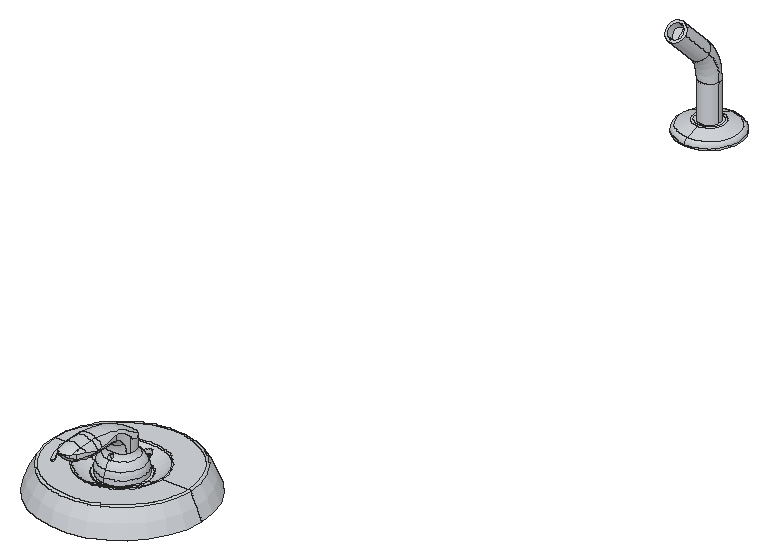
Revit family "Shower-Shower_Trim-KOHLER-Coralais-K-PLS15611_1", category Plumbing Fixtures, host Face, Revit 2017
Family settings
  Host = Face
  Round Connector Dimension = Use Diameter
  Part Type = Normal
  OmniClass Number = 23.31.17.00
  OmniClass Title = Showers
  Cut with Voids When Loaded = No
  Shared = No
  Room Calculation Point = No
Parameters (values of type "Red/Blue Indexing, CP-Polished Chrome")
  Width = 6 1/2"  # constant formula
  WaterSense Certified = 1 = 0  # no
  Waste Water Outlet = "Waste Water Outlet"  # constant formula
  Waste Connection = 1 = 0  # no
  Vent Connection = 1 = 0  # no
  URL = "https://www.us.kohler.com/us/"
  Type = 1
  Tempered Water Inlet = "Tempered Water Inlet"  # constant formula
  Spout Reach = 4 3/8"  # constant formula
  Product Page URL = "http://www.us.kohler.com/us/catalog/productDetails.jsp?productNumber=PLS15611-X4"
  Product Name = "Coralais"  # constant formula
  Product Documentation Link = "https://www.us.kohler.com/webassets/kpna/catalog/pdf/en/K-PLS15611-X4_spec.pdf"
  Pressure = 0.00 psi
  Panel Thickness = 0"
  Model = if(Type = 1, "K-PLS15611-X4-CP", if(Type = 2, "K-PLS15611-4-CP", "NA"))  # "K-PLS15611-X4-CP"
  Material = "Premium Metal Construction"  # constant formula
  Master Format 2014 Name = "Residential Showers"  # constant formula
  Master Format 2014 = "22 42 23"  # constant formula
  Manufacturer Address = "444 Highland Dr, Kohler, WI 53044"  # constant formula
  Manufacturer = "KOHLER Co."  # constant formula
  Length = Spout Reach  # 4 3/8"
  Indexing = if(or(Type = 1), 1 = 1, 1 = 0)  # yes
  Hot Water Inlet = "Hot Water Inlet"  # constant formula
  Height = 6 1/2"  # constant formula
  Handle Height = 2 7/8"  # constant formula
  Handle Clearance = 3 1/16"  # constant formula
  HW Connection = 1 = 1  # yes
  Flow Rate = 0 GPM
  Finish = Kohler-Metal-CP-Polished_Chrome
  Environmental Product Declaration = ""
  Drain Included = 1 = 0  # no
  Distance Trim To Shower Arm [instance] = 30"
  Description = if(Type = 1, "Shower valve trim with lever handle and red/blue indexing, less showerhead, project pack", if(Type = 2, "Shower valve trim with lever handle, less showerhead, project pack", "NA"))  # "Shower valve trim with lever handle and red/blue indexing, less showerhead, project pack"
  Default Elevation = 42"
  Declare Label = ""
  Date Modified = "04/13/2020"  # constant formula
  Date Created = "04/13/2020"  # constant formula
  Copyright = "Copyright KOHLER Co."  # constant formula
  Contact Us = "https://www.us.kohler.com/us/static/contact.jsp"
  Cold Water Inlet = "Cold Water Inlet"  # constant formula
  CW Connection = 1 = 0  # no
  Assembly Code = "D2010700"
  ADA Compliant = 1 = 0  # no
Types (3): name | Type | Product Page URL | Product Documentation Link | Model | Indexing | Description
  (no name) | 1 | "http://www.us.kohler.com/us/catalog/productDetails.jsp?productNumber=PLS15611-X4" | "https://www.us.kohler.com/webassets/kpna/catalog/pdf/en/K-PLS15611-X4_spec.pdf" | "K-PLS15611-X4-CP" | yes | "Shower valve trim with lever handle and red/blue indexing, less showerhead, project pack"
  Red/Blue Indexing, CP-Polished Chrome | 1 | "http://www.us.kohler.com/us/catalog/productDetails.jsp?productNumber=PLS15611-X4" | "https://www.us.kohler.com/webassets/kpna/catalog/pdf/en/K-PLS15611-X4_spec.pdf" | "K-PLS15611-X4-CP" | yes | "Shower valve trim with lever handle and red/blue indexing, less showerhead, project pack"
  Without Red/Blue Indexing, CP-Polished Chrome | 2 | "http://www.us.kohler.com/us/catalog/productDetails.jsp?productNumber=PLS15611-4" | "https://www.us.kohler.com/webassets/kpna/catalog/pdf/en/K-PLS15611-4_spec.pdf" | "K-PLS15611-4-CP" | no | "Shower valve trim with lever handle, less showerhead, project pack"
Reference planes (in)
  plane 1 "Center (Front/Back)": y = 0
  plane 2: z = 0
  plane 3 "Center (Left/Right)": x = 0
  plane 4: x = -3.25
  plane 5: x = 3.25
  plane 6: y = 3.25
  plane 7: y = -3.25
  plane 8: y = -3.0625
  plane 9: x = -1.25
  plane 10: x = 1.25
  plane 11: y = 31.25
  plane 12: y = 28.75
  plane 13: y = 28.3125
  plane 14: y = 30
  plane 15: z = 4.375
  plane 16: z = 0.44
  plane 17: z = 1.00001
  plane 18: z = 2.875
  plane 19: z = 2.67034
Dimensions and locks (in)
  "Height": plane 6 to plane 7
  "Handle Clearance": plane 1 "Center (Front/Back)" to plane 8
  "Width": plane 4 to plane 5
  locked: plane 11 to plane 12 at 2.5
  equal spacing: plane 11, plane 14, plane 12, locked at 1.25 each
  locked: plane 14 to plane 13 at 1.6875
  "Distance Trim To Shower Arm": plane 1 "Center (Front/Back)" to plane 14
  "Length": plane 15 to level
  locked: plane 9 to plane 10 at 2.5
  level to plane 15 = 4 3/8"
  "Handle Height": level to plane 18
  aligned and locked: plane 2 to host face
  aligned and locked: level to host face
  aligned and locked: plane 3 "Center (Left/Right)" to nested 1
  aligned and locked: plane 1 "Center (Front/Back)" to nested 1
  aligned and locked: plane 3 "Center (Left/Right)" to nested 2
  aligned and locked: plane 14 to nested 2
Automatic sketch dimensions
  host sketch curve to host sketch curve = 96"  (x2)
Nested families (in)
  nested 1: "K-PLS15611_Valve_Trim" at (0, 0, 0), type "K-PLS15611_Valve_Trim"
  nested 2: "K-PLS15611_Shower_Arm" at (0, 30, 0), type "K-PLS15611_Shower_Arm"
Connectors (in)
  piping at (0, 30, 0), diameter 0.5, driven by "Flow Rate", driven by "Pressure", driven by "HW Connection", driven by "Tempered Water Inlet"
    settings: on nested 2, index 1, connector inside diameter 24", connector length 0", flow factor 0, pipe flow 0 GPM, pressure drop 0.00 psi, fitting loss kfactor 0, connector angle 0.00°, fixture units 0, engagement length 0", angle of deflection 0.00°, flow configuration 0, flow direction 1, fitting loss method 0, system type 19, joint type 0, gender type 0, connector reference index -1, connector utility 1, adjustable connector no, is connector primary yes, connector description "Tempered Water Inlet"
Definition of nested family "K-PLS15611_Valve_Trim"
  Parameters (values of type "K-PLS15611_Valve_Trim")
    Material = none
    Indexing Visibility = yes
  Reference planes (in)
    plane 1 "Center (Front/Back)": y = 0
    plane 2: z = 0
    plane 3 "Center (Left/Right)": x = 0
    plane 4: y = 3.25
    plane 5: y = -3.25
    plane 6: y = -3.0625
    plane 7: x = -3.25
    plane 8: x = 3.25
    plane 9: z = 2.67034
    plane 10: z = 0.19869
    plane 11: z = 1.00001
    plane 12: z = 1.41502
    plane 13: z = 2.88827
  Forms (in)
    Revolve 1, solid, material <- "Material", detail levels medium+fine
      sketch origin (0, 0, 0) x (1, 0, 0) y (0, 0, 1)
        loop
          arc (3.25, 0) -> (3.06819, 0.49632) -> (2.80127, 0.95256) r 2.96967
          arc (2.80127, 0.95256) -> (2.76103, 0.98744) -> (2.70928, 1) r 0.11291
          line (2.70928, 1) -> (1.65854, 1)
          arc (1.65854, 1) -> (1.62709, 0.99447) -> (1.59942, 0.97854) r 0.09218
          arc (1.59942, 0.97854) -> (1.33832, 0.80544) -> (1.04556, 0.694) r 1.41579
          arc (1.04556, 0.694) -> (1.02996, 0.691) -> (1.0141, 0.69) r 0.12573
          line (1.0141, 0.69) -> (0.89889, 0.69)
          arc (0.89889, 0.69) -> (0.85725, 0.67275) -> (0.84, 0.63111) r 0.05889
          line (0.84, 0.63111) -> (0.84, 0.5625) -> (0, 0.5625) -> (0, 0) -> (3.25, 0)
        axis (0, 0) -> (0, 1)
      angle from 0 to 360
    Revolve 2, solid, material <- "Material", detail levels medium+fine
      sketch origin (0, 0, 0) x (0, 1, 0) y (0, 0, 1)
        loop
          line (0, 1.65188) -> (0, 0.61412) -> (0.88018, 0.61412)
          arc (0.88018, 0.61412) -> (0.8995, 0.62212) -> (0.9075, 0.64144) r 0.02731
          line (0.9075, 0.64144) -> (0.9075, 0.87706)
          arc (0.9075, 0.87706) -> (0.89307, 1.01622) -> (0.8504, 1.14945) r 0.67826
          arc (0.8504, 1.14945) -> (0.76303, 1.29552) -> (0.64205, 1.41523) r 0.67826
          arc (0.64205, 1.41523) -> (0.55115, 1.51993) -> (0.50858, 1.65188) r 0.34642
          line (0.50858, 1.65188) -> (0, 1.65188)
        axis (0, 0.61412) -> (0, 1.65188)
      angle from 0 to 360
    Extrusion 3, solid, material <- "Material", detail levels medium+fine
      sketch origin (0, 0, 0) x (1, 0, 0) y (0, 1, 0)
        loop
          arc (-0.56415, -1.83746) -> (-0.51593, -2.31983) -> (-0.36765, -2.78136) r 2.29948
          arc (-0.36765, -2.78136) -> (-0.30944, -2.88383) -> (-0.23202, -2.97267) r 0.58949
          arc (-0.23202, -2.97267) -> (0, -3.06452) -> (0.23202, -2.97267) r 0.33899
          arc (0.23202, -2.97267) -> (0.30944, -2.88383) -> (0.36765, -2.78136) r 0.58949
          arc (0.36765, -2.78136) -> (0.51593, -2.31983) -> (0.56415, -1.83746) r 2.29948
          arc (0.56415, -1.83746) -> (0.53405, -1.36587) -> (0.44975, -0.9009) r 4.09039
          arc (0.44975, -0.9009) -> (0.41697, -0.53999) -> (0.48986, -0.185) r 1.24087
          arc (0.48986, -0.185) -> (0, 0.51459) -> (-0.48986, -0.185) r 0.5213
          arc (-0.48986, -0.185) -> (-0.41697, -0.53999) -> (-0.44975, -0.9009) r 1.24087
          arc (-0.44975, -0.9009) -> (-0.53405, -1.36587) -> (-0.56415, -1.83746) r 4.09039
      from 1.65188 to 2.91846
    Sweep 4, void
      path origin (0, 0, 0) x (0, 1, 0) y (0, 0, 1)
        loop
          arc (-3.12892, 2.85708) -> (-3.0207, 2.56071) -> (-2.77599, 2.36158) r 0.59399
          arc (-2.77599, 2.36158) -> (-2.32076, 2.21262) -> (-1.84522, 2.15522) r 2.44644
          arc (-1.84522, 2.15522) -> (-1.39366, 2.15418) -> (-0.94242, 2.17098) r 11.42539
          arc (-0.94242, 2.17098) -> (-0.72861, 2.12174) -> (-0.57465, 1.96542) r 0.39242
          arc (-0.57465, 1.96542) -> (-0.50983, 1.7719) -> (-0.51377, 1.56786) r 0.59878
      profile origin (0, -1.84522, 2.15522) x (0, 0.02207, 0.999756) y (1, 0, 0)
        loop
          arc (0.36793, -0.59814) -> (0.27002, -0.52289) -> (0.17968, -0.4387) r 1.30348
          arc (0.17968, -0.4387) -> (0.00107, 0) -> (0.17968, 0.4387) r 0.62807
          arc (0.17968, 0.4387) -> (0.27002, 0.52289) -> (0.36793, 0.59814) r 1.30348
          line (0.36793, 0.59814) -> (0.36793, 0.86318) -> (-0.38425, 0.86318) -> (-0.38425, -0.99194) -> (0.36793, -0.99194) -> (0.36793, -0.59814)
    Extrusion 5, void
      sketch origin (0, 0, 0) x (1, 0, 0) y (0, 1, 0)
        loop
          circle (0, 1.2701) r 0.20487
        loop
          circle (0, -1.28081) r 0.20313
      from 0.662 to 1.3235
    Sweep 6, void
      path origin (0, 0, 0) x (0, 1, 0) y (0, 0, 1)
        loop
          arc (0.69558, 1.91015) -> (-0.41866, 2.60869) -> (-1.70526, 2.88103) r 3.76201
          arc (-1.70526, 2.88103) -> (-1.82411, 2.88397) -> (-1.94299, 2.88494) r 7.2255
          arc (-1.94299, 2.88494) -> (-2.21146, 2.87995) -> (-2.47956, 2.86499) r 7.2255
          arc (-2.47956, 2.86499) -> (-2.86737, 2.77385) -> (-3.20827, 2.56773) r 1.27798
      profile origin (0, -1.94299, 2.88494) x (0, 0, -1) y (1, 0, 0)
        loop
          arc (0.08579, -0.31214) -> (0, 0) -> (0.08579, 0.31214) r 0.61075
          arc (0.08579, 0.31214) -> (0.23388, 0.48337) -> (0.43208, 0.59278) r 0.64412
          line (0.43208, 0.59278) -> (0.43208, 0.67843) -> (-0.85167, 0.67843) -> (-0.85167, -0.67843) -> (0.43208, -0.67843) -> (0.43208, -0.59278)
          arc (0.43208, -0.59278) -> (0.23388, -0.48337) -> (0.08579, -0.31214) r 0.64412
    Extrusion 7, void
      sketch origin (0, 0, 0) x (0, 1, 0) y (0, 0, 1)
        loop
          line (-0.78029, 1.83932) -> (-3.14886, 2.17543) -> (-3.14886, 1.63005) -> (-0.78029, 1.63005) -> (-0.78029, 1.83932)
      from -0.60528 to 0.61566
    Extrusion 8, void
      sketch origin (0, 0, 0) x (1, 0, 0) y (0, 0, 1)
        loop
          circle (0, 1.4995) r 0.09996
      from 0.50312 to 0.74046
    Extrusion 9, solid, material <- "Material", detail levels medium+fine
      sketch origin (0, 0, 0) x (1, 0, 0) y (0, 1, 0)
        loop
          circle (0, 1.2701) r 0.17831
        loop
          line (-0.03072, 1.38673) -> (-0.03072, 1.30082) -> (-0.11664, 1.30082) -> (-0.11664, 1.23937) -> (-0.03072, 1.23937) -> (-0.03072, 1.15346) -> (0.03072, 1.15346) -> (0.03072, 1.23937) -> (0.11664, 1.23937) -> (0.11664, 1.30082) -> (0.03072, 1.30082) -> (0.03072, 1.38673) -> (-0.03072, 1.38673)
        loop
          circle (0, -1.2701) r 0.17831
        loop
          line (-0.03072, -1.38673) -> (0.03072, -1.38673) -> (0.03072, -1.30082) -> (0.11664, -1.30082) -> (0.11664, -1.23937) -> (0.03072, -1.23937) -> (0.03072, -1.15346) -> (-0.03072, -1.15346) -> (-0.03072, -1.23937) -> (-0.11664, -1.23937) -> (-0.11664, -1.30082) -> (-0.03072, -1.30082) -> (-0.03072, -1.38673)
      from 0.662 to 0.69
    Extrusion 10, solid, visible <- "Indexing Visibility", detail levels medium+fine
      sketch origin (0.25, 0, 0) x (1, 0, 0) y (0, 1, 0)
        loop
          arc (-2.5, 0) -> (-2.42003, -0.62727) -> (-2.18523, -1.2144) r 2.5
          arc (-2.18523, -1.2144) -> (-2.10387, -1.2353) -> (-2.08737, -1.15293) r 0.05787
          arc (-2.08737, -1.15293) -> (-2.35949, -0.60478) -> (-2.45312, 0) r 2
          line (-2.45312, 0) -> (-2.5, 0)
      from 0.97651 to 1.00369
    Extrusion 11, solid, visible <- "Indexing Visibility", detail levels medium+fine
      sketch origin (0, 0, 0) x (1, 0, 0) y (0, 1, 0)
        loop
          arc (-1.93523, 1.2144) -> (-2.17003, 0.62727) -> (-2.25, 0) r 2.5
          line (-2.25, 0) -> (-2.20312, 0)
          arc (-2.20312, 0) -> (-2.10949, 0.60478) -> (-1.83737, 1.15293) r 2
          arc (-1.83737, 1.15293) -> (-1.85387, 1.2353) -> (-1.93523, 1.2144) r 0.05787
      from 0.97651 to 1.00369
    Revolve 12, solid, material <- "Material", detail levels coarse
      sketch origin (0, 0, 0) x (0, 1, 0) y (0, 0, 1)
        loop
          line (0, 0) -> (3.25, 0) -> (2.71828, 1.00001) -> (0.89166, 1.00001) -> (0.89166, 1.3698) -> (0.64166, 1.3698) -> (0.64166, 2.63396) -> (0, 2.63396) -> (0, 0)
        axis (0, 0) -> (0, 2.63396)
      angle from 0 to 360
    Revolve 13, solid, material <- "Material", detail levels coarse
      sketch origin (0, 0, -0.03906) x (0, 1, 0) y (0, 0, 1)
        loop
          line (0.31359, 2.60791) -> (-3.0625, 2.60791) -> (-3.0625, 2.21967) -> (0.31359, 2.21967) -> (0.31359, 2.60791)
        axis (0.31359, 2.21967) -> (-3.0625, 2.21967)
      angle from 0 to 360
  Cuts and joins
    Extrusion 5 cuts Revolve 1
    Extrusion 8 cuts Revolve 2
    joined: Revolve 1, Revolve 2, Extrusion 9
    Sweep 4, Sweep 6, Extrusion 7 cuts Extrusion 3
    joined: Revolve 12, Revolve 13
  Lines and regions (in)
    Masking region 1
      outline origin (0, 0, 0) x (1, 0, 0) y (0, 0, 1)
        loop
          arc (3.25, 0) -> (3.06872, 0.49961) -> (2.79701, 0.95638) r 2.82267
          arc (2.79701, 0.95638) -> (2.75928, 0.98848) -> (2.71111, 1.00001) r 0.10638
          line (2.71111, 1.00001) -> (0.89578, 1.00001)
          arc (0.89578, 1.00001) -> (0.82764, 1.19594) -> (0.70331, 1.36199) r 0.67618
          arc (0.70331, 1.36199) -> (0.59512, 1.49615) -> (0.5213, 1.65188) r 0.73188
          arc (0.5213, 1.65188) -> (0.52221, 1.84162) -> (0.52177, 2.03137) r 26.47146
          arc (0.52177, 2.03137) -> (0.5036, 2.19223) -> (0.45181, 2.34561) r 0.76102
          arc (0.45181, 2.34561) -> (0.50595, 2.40262) -> (0.55513, 2.46395) r 0.93817
          arc (0.55513, 2.46395) -> (0.56728, 2.49969) -> (0.55668, 2.53592) r 0.06262
          arc (0.55668, 2.53592) -> (-0.00499, 2.88453) -> (-0.5614, 2.52757) r 0.61935
          arc (-0.5614, 2.52757) -> (-0.56699, 2.4949) -> (-0.55513, 2.46395) r 0.06262
          arc (-0.55513, 2.46395) -> (-0.50595, 2.40262) -> (-0.45181, 2.34561) r 0.93817
          arc (-0.45181, 2.34561) -> (-0.5036, 2.19223) -> (-0.52177, 2.03137) r 0.76102
          arc (-0.52177, 2.03137) -> (-0.52221, 1.84162) -> (-0.5213, 1.65188) r 26.47146
          arc (-0.5213, 1.65188) -> (-0.59512, 1.49615) -> (-0.70331, 1.36199) r 0.73188
          arc (-0.70331, 1.36199) -> (-0.82764, 1.19594) -> (-0.89578, 1.00001) r 0.67618
          line (-0.89578, 1.00001) -> (-2.71111, 1.00001)
          arc (-2.71111, 1.00001) -> (-2.75928, 0.98848) -> (-2.79701, 0.95638) r 0.10638
          arc (-2.79701, 0.95638) -> (-3.06872, 0.49961) -> (-3.25, 0) r 2.82267
          line (-3.25, 0) -> (3.25, 0)
    Masking region 2
      outline origin (0, 0, 0) x (0, 1, 0) y (0, 0, 1)
        loop
          arc (3.25, 0) -> (3.06629, 0.49225) -> (2.805, 0.94808) r 3.22126
          arc (2.805, 0.94808) -> (2.76207, 0.98623) -> (2.70632, 1) r 0.11973
          line (2.70632, 1) -> (0.89573, 1)
          arc (0.89573, 1) -> (0.80792, 1.2316) -> (0.64148, 1.41502) r 0.66528
          arc (0.64148, 1.41502) -> (0.55203, 1.51952) -> (0.51459, 1.65188) r 0.32068
          line (0.51459, 1.65188) -> (0.51459, 2.06233)
          arc (0.51459, 2.06233) -> (-0.422, 2.61182) -> (-1.47762, 2.86633) r 3.70695
          arc (-1.47762, 2.86633) -> (-1.96712, 2.88827) -> (-2.45661, 2.86633) r 5.47096
          arc (-2.45661, 2.86633) -> (-2.75624, 2.81514) -> (-3.03392, 2.69148) r 1.22011
          arc (-3.03392, 2.69148) -> (-3.06116, 2.65384) -> (-3.0531, 2.60808) r 0.0596
          arc (-3.0531, 2.60808) -> (-2.91077, 2.44843) -> (-2.72687, 2.33918) r 0.70027
          arc (-2.72687, 2.33918) -> (-2.38944, 2.22978) -> (-2.04015, 2.16796) r 2.56563
          arc (-2.04015, 2.16796) -> (-1.53043, 2.15921) -> (-1.02071, 2.16796) r 14.84082
          arc (-1.02071, 2.16796) -> (-0.88755, 2.17291) -> (-0.75833, 2.14039) r 0.47128
          arc (-0.75833, 2.14039) -> (-0.51438, 1.78964) -> (-0.67172, 1.39243) r 0.45185
          arc (-0.67172, 1.39243) -> (-0.81897, 1.21604) -> (-0.89725, 1) r 0.66369
          line (-0.89725, 1) -> (-2.70632, 1)
          arc (-2.70632, 1) -> (-2.76207, 0.98623) -> (-2.805, 0.94808) r 0.11973
          arc (-2.805, 0.94808) -> (-3.06629, 0.49225) -> (-3.25, 0) r 3.22126
          line (-3.25, 0) -> (3.25, 0)
    Masking region 3
      outline origin (0, 0, 0) x (1, 0, 0) y (0, 1, 0)
        loop
          circle (0, 0) r 3.25
    symbolic lines, detail levels medium+fine
      curve 1: line (-0.89578, 0, 1.00001) -> (0.89578, 0, 1.00001)
      curve 2: line (0, 0.89573, 1) -> (0, -0.89725, 1)
      curve 3: line (0, -0.185, 2.23351) -> (0, -0.9009, 2.56457)
      curve 4: spline (0, -1.71699, 2.52459) -> (0, -1.64839, 2.52955) -> (0, -1.57983, 2.53421) -> (0, -1.51132, 2.53858) -> (0, -1.4429, 2.54266) -> (0, -1.37458, 2.54644) -> (0, -1.30638, 2.54993) -> (0, -1.23833, 2.55312) -> (0, -1.17043, 2.55601) -> (0, -1.10273, 2.5586) -> (0, -1.03522, 2.56089) -> (0, -0.96794, 2.56288) -> (0, -0.9009, 2.56457)
      curve 5: spline (0, -1.83601, 2.52234) -> (0, -1.82609, 2.52233) -> (0, -1.81617, 2.52237) -> (0, -1.80625, 2.52243) -> (0, -1.79632, 2.52253) -> (0, -1.7864, 2.52267) -> (0, -1.77648, 2.52284) -> (0, -1.76656, 2.52304) -> (0, -1.75665, 2.52328) -> (0, -1.74673, 2.52356) -> (0, -1.73682, 2.52387) -> (0, -1.7269, 2.52421) -> (0, -1.71699, 2.52459)
      curve 6: spline (0, -1.83601, 2.52234) -> (0, -1.84494, 2.52239) -> (0, -1.85387, 2.52249) -> (0, -1.86279, 2.52266) -> (0, -1.87172, 2.52289) -> (0, -1.88064, 2.52318) -> (0, -1.88956, 2.52353) -> (0, -1.89847, 2.52394) -> (0, -1.90739, 2.52441) -> (0, -1.91629, 2.52493) -> (0, -1.9252, 2.52552) -> (0, -1.9341, 2.52617) -> (0, -1.94299, 2.52688)
      curve 7: spline (0, -1.94299, 2.52688) -> (0, -1.98742, 2.53246) -> (0, -2.03173, 2.53867) -> (0, -2.07587, 2.5455) -> (0, -2.11984, 2.55294) -> (0, -2.1636, 2.56099) -> (0, -2.20714, 2.56965) -> (0, -2.25043, 2.57891) -> (0, -2.29345, 2.58877) -> (0, -2.33617, 2.59922) -> (0, -2.37858, 2.61025) -> (0, -2.42064, 2.62187) -> (0, -2.46235, 2.63406)
      curve 8: spline (0, -2.46235, 2.63406) -> (0, -2.49067, 2.64128) -> (0, -2.51903, 2.64781) -> (0, -2.54741, 2.65366) -> (0, -2.5758, 2.65883) -> (0, -2.60416, 2.6633) -> (0, -2.63248, 2.66709) -> (0, -2.66074, 2.67017) -> (0, -2.68893, 2.67256) -> (0, -2.71701, 2.67424) -> (0, -2.74497, 2.67523) -> (0, -2.77279, 2.67551) -> (0, -2.80046, 2.67509)
      curve 9: arc (0, -2.80046, 2.67509) -> (0, -2.92755, 2.67212) -> (0, -3.05466, 2.67034) r 13.63331
      curve 10: arc (0, -0.185, 2.23351) -> (0, -0.08734, 2.14027) -> (0, 0.02416, 2.06414) r 0.82809
      curve 11: arc (0, 0.52026, 2.06414) -> (0, 0.27221, 2.01936) -> (0, 0.02416, 2.06414) r 0.70948
      curve 12: circle (0, 1.2701, 0) r 0.20487 normal (0, 0, 1)
      curve 13: circle (0, 1.2701, 0) r 0.17831 normal (0, 0, 1)
      curve 14: line (-0.03072, 1.30082, 0) -> (-0.03072, 1.38673, 0)
      curve 15: line (-0.03072, 1.38673, 0) -> (0.03072, 1.38673, 0)
      curve 16: line (0.03072, 1.38673, 0) -> (0.03072, 1.30082, 0)
      curve 17: line (0.03072, 1.30082, 0) -> (0.11664, 1.30082, 0)
      curve 18: line (0.11664, 1.30082, 0) -> (0.11664, 1.23937, 0)
      curve 19: line (0.11664, 1.23937, 0) -> (0.03072, 1.23937, 0)
      curve 20: line (0.03072, 1.23937, 0) -> (0.03072, 1.15346, 0)
      curve 21: line (-0.03072, 1.15346, 0) -> (-0.03072, 1.23937, 0)
      curve 22: line (-0.03072, 1.23937, 0) -> (-0.11664, 1.23937, 0)
      curve 23: line (-0.11664, 1.23937, 0) -> (-0.11664, 1.30082, 0)
      curve 24: line (-0.11664, 1.30082, 0) -> (-0.03072, 1.30082, 0)
      curve 25: arc (0.48986, -0.185, 0) -> (0, 0.51459, 0) -> (-0.48986, -0.185, 0) r 0.5213
      curve 26: arc (-0.42456, -0.80206, 0) -> (-0.52755, -1.31529, 0) -> (-0.56415, -1.83746, 0) r 4.09039
      curve 27: arc (-0.56415, -1.83746, 0) -> (-0.51593, -2.31983, 0) -> (-0.36765, -2.78136, 0) r 2.29948
      curve 28: arc (-0.36765, -2.78136, 0) -> (-0.31188, -2.88037, 0) -> (-0.23815, -2.96684, 0) r 0.58949
      curve 29: arc (-0.23815, -2.96684, 0) -> (0, -3.06309, 0) -> (0.23815, -2.96684, 0) r 0.34274
      curve 30: arc (0.42456, -0.80206, 0) -> (0.52755, -1.31529, 0) -> (0.56415, -1.83746, 0) r 4.09039
      curve 31: arc (0.56415, -1.83746, 0) -> (0.51593, -2.31983, 0) -> (0.36765, -2.78136, 0) r 2.29948
      curve 32: arc (0.36765, -2.78136, 0) -> (0.31188, -2.88037, 0) -> (0.23815, -2.96684, 0) r 0.58949
      curve 33: arc (0, 0.9075, 0) -> (-0.88074, 0.21873, 0) -> (-0.42456, -0.80206, 0) r 0.9075
      curve 34: arc (0.42456, -0.80206, 0) -> (0.88074, 0.21873, 0) -> (0, 0.9075, 0) r 0.9075
      curve 35: arc (-0.48986, -0.185, 0) -> (-0.41944, -0.48953, 0) -> (-0.42456, -0.80206, 0) r 1.28617
      curve 36: arc (0.48986, -0.185, 0) -> (0.41944, -0.48953, 0) -> (0.42456, -0.80206, 0) r 1.28617
      curve 43: line (-0.03072, 1.15346, 0) -> (0.03072, 1.15346, 0)
      curve 44: spline (0.31211, 0, 2.03611) -> (0.26613, 0, 2.04386) -> (0.2169, 0, 2.05033) -> (0.16503, 0, 2.05545) -> (0.11115, 0, 2.05915) -> (0.05591, 0, 2.06139) -> (0, 0, 2.06214) -> (-0.05591, 0, 2.06139) -> (-0.11115, 0, 2.05915) -> (-0.16503, 0, 2.05545) -> (-0.2169, 0, 2.05033) -> (-0.26613, 0, 2.04386) -> (-0.31211, 0, 2.03611)
      curve 45: spline (0.44975, 0, 2.56457) -> (0.46536, 0, 2.56285) -> (0.47983, 0, 2.56084) -> (0.49317, 0, 2.55852) -> (0.50537, 0, 2.55592) -> (0.51643, 0, 2.55302) -> (0.52635, 0, 2.54983) -> (0.53512, 0, 2.54635) -> (0.54274, 0, 2.54257) -> (0.5492, 0, 2.53851) -> (0.55451, 0, 2.53416) -> (0.55867, 0, 2.52952) -> (0.56166, 0, 2.52459)
      curve 46: line (0.44975, 0, 2.56457) -> (0.45181, 0, 2.34561)
      curve 47: arc (0.31211, 0, 2.03611) -> (0.38563, 0, 2.02138) -> (0.46014, 0, 2.01305) r 0.86748
      curve 48: arc (0.46014, 0, 2.01305) -> (0.49944, 0, 2.02514) -> (0.52055, 0, 2.06043) r 0.05735
      curve 49: spline (-0.44975, 0, 2.56457) -> (-0.46536, 0, 2.56285) -> (-0.47983, 0, 2.56084) -> (-0.49317, 0, 2.55852) -> (-0.50537, 0, 2.55592) -> (-0.51643, 0, 2.55302) -> (-0.52635, 0, 2.54983) -> (-0.53512, 0, 2.54635) -> (-0.54274, 0, 2.54257) -> (-0.5492, 0, 2.53851) -> (-0.55451, 0, 2.53416) -> (-0.55867, 0, 2.52952) -> (-0.56166, 0, 2.52459)
      curve 50: line (-0.44975, 0, 2.56457) -> (-0.45181, 0, 2.34561)
      curve 51: arc (-0.31211, 0, 2.03611) -> (-0.38563, 0, 2.02138) -> (-0.46014, 0, 2.01305) r 0.86748
      curve 52: arc (-0.46014, 0, 2.01305) -> (-0.49944, 0, 2.02514) -> (-0.52055, 0, 2.06043) r 0.05735
      curve 53: arc (0.39301, -2.72177, 0) -> (0, 2.75, 0) -> (-0.39301, -2.72177, 0) r 2.75
      curve 54: arc (0.55075, -1.53007, 0) -> (0, 1.62617, 0) -> (-0.55075, -1.53007, 0) r 1.62617
    symbolic lines, visible <- "Indexing Visibility", detail levels medium+fine
      curve 37: arc (-2.20312, 0, 0) -> (-2.10949, 0.60478, 0) -> (-1.83737, 1.15293, 0) r 2
      curve 38: arc (-1.93523, 1.2144, 0) -> (-2.17003, 0.62727, 0) -> (-2.25, 0, 0) r 2.5
      curve 39: arc (-1.83737, 1.15293, 0) -> (-1.85387, 1.2353, 0) -> (-1.93523, 1.2144, 0) r 0.05787
      curve 40: arc (-1.83737, -1.15293, 0) -> (-2.10949, -0.60478, 0) -> (-2.20312, 0, 0) r 2
      curve 41: arc (-2.25, 0, 0) -> (-2.17003, -0.62727, 0) -> (-1.93523, -1.2144, 0) r 2.5
      curve 42: arc (-1.93523, -1.2144, 0) -> (-1.85387, -1.2353, 0) -> (-1.83737, -1.15293, 0) r 0.05787
  Dimensions and locks (in)
    plane 1 "Center (Front/Back)" to plane 6 = 3 1/16"
    plane 8 to plane 7 = 6 1/2"
    locked: plane 7 to plane 8 at 6.5
    aligned and locked: plane 2 to level
Definition of nested family "K-PLS15611_Shower_Arm"
  Parameters (values of type "K-PLS15611_Shower_Arm")
    Material = none
  Reference planes (in)
    plane 1 "Center (Front/Back)": y = 0
    plane 2: z = 0
    plane 3 "Center (Left/Right)": x = 0
    plane 4: y = 1.25
    plane 5: z = 4.375
    plane 6: y = -1.6875
    plane 7: y = -1.25
    plane 8: x = 1.25
    plane 9: x = -1.25
    plane 10: z = 0.06792
    plane 11: z = 0.06792
  Forms (in)
    Revolve 1, solid, material <- "Material", detail levels medium+fine
      sketch origin (0, 0, 0) x (0, 1, 0) y (0, 0, 1)
        loop
          line (1.25, 0) -> (1.25, 0.0616)
          arc (1.25, 0.0616) -> (1.21383, 0.17473) -> (1.11874, 0.24589) r 0.195
          line (1.11874, 0.24589) -> (0.59308, 0.42771)
          arc (0.59308, 0.42771) -> (0.55703, 0.43691) -> (0.51996, 0.44) r 0.22368
          line (0.51996, 0.44) -> (0, 0.44) -> (0, 0) -> (1.25, 0)
        axis (0, 0) -> (0, 0.44)
      angle from 0 to 360
    Sweep 2, solid, material <- "Material", detail levels medium+fine
      path origin (0, 0, 0) x (0, 1, 0) y (0, 0, 1)
        loop
          line (0, 0.44) -> (0, 1.94443)
          arc (0, 1.94443) -> (-0.13656, 2.63094) -> (-0.52543, 3.21293) r 1.79394
          line (-0.52543, 3.21293) -> (-1.6875, 4.375)
      profile origin (0, 0, 1.19221) x (0, -1, 0) y (1, 0, 0)
        loop
          circle (0, 0) r 0.40215
    Revolve 3, void
      sketch origin (0, 0, 0) x (0, 1, 0) y (0, 0, 1)
        loop
          line (-1.73317, 4.42067) -> (-1.94286, 4.21098) -> (-1.6875, 3.95562) -> (-1.47781, 4.16531) -> (-1.73317, 4.42067)
        axis (-1.47781, 4.16531) -> (-1.73317, 4.42067)
      angle from 0 to 360
    Revolve 4, solid, material <- "Material", detail levels coarse
      sketch origin (0, 0, 0) x (0, 1, 0) y (0, 0, 1)
        loop
          line (0, 0) -> (1.25, 0) -> (1.25, 0.44) -> (0, 0.44) -> (0, 0)
        axis (0, 0) -> (0, 0.44)
      angle from 0 to 360
    Sweep 5, solid, material <- "Material", detail levels coarse
      path origin (0, 0, 0) x (0, 1, 0) y (0, 0, 1)
        loop
          line (-1.6875, 4.375) -> (-0.63073, 3.31823)
          arc (-0.63073, 3.31823) -> (-0.16392, 2.6196) -> (0, 1.79552) r 2.15343
          line (0, 1.79552) -> (0, 0.4375)
      profile origin (0, 0, 1.11651) x (1, 0, 0) y (0, 1, 0)
        loop
          circle (0, 0) r 0.40215
    Extrusion 6, solid, material <- "Material", detail levels medium+fine
      sketch origin (0, 0, 0) x (1, 0, 0) y (0, 1, 0)
        loop
          circle (0, 0) r 0.04407
      from 0 to 0.06792
  Cuts and joins
    Revolve 3 cuts Sweep 2
    joined: Revolve 1, Sweep 2
    joined: Revolve 4, Sweep 5
  Lines and regions (in)
    Masking region 1
      outline origin (0, 0, 0) x (0, 1, 0) y (0, 0, 1)
        loop
          line (1.25, 0) -> (1.25, 0.06792)
          arc (1.25, 0.06792) -> (1.21532, 0.17627) -> (1.12417, 0.24433) r 0.18657
          line (1.12417, 0.24433) -> (0.58656, 0.42944)
          arc (0.58656, 0.42944) -> (0.55546, 0.43734) -> (0.52348, 0.44) r 0.19375
          line (0.52348, 0.44) -> (0.40215, 0.44) -> (0.40215, 1.94901)
          arc (0.40215, 1.94901) -> (0.23582, 2.78518) -> (-0.23783, 3.49405) r 2.18502
          line (-0.23783, 3.49405) -> (-1.40314, 4.65936) -> (-1.97186, 4.09064) -> (-0.81587, 2.93465)
          arc (-0.81587, 2.93465) -> (-0.50967, 2.47639) -> (-0.40215, 1.93583) r 1.41254
          line (-0.40215, 1.93583) -> (-0.40215, 0.44) -> (-0.52348, 0.44)
          arc (-0.52348, 0.44) -> (-0.55546, 0.43734) -> (-0.58656, 0.42944) r 0.19375
          line (-0.58656, 0.42944) -> (-1.12417, 0.24433)
          arc (-1.12417, 0.24433) -> (-1.21532, 0.17627) -> (-1.25, 0.06792) r 0.18657
          line (-1.25, 0.06792) -> (-1.25, 0) -> (1.25, 0)
    Masking region 2
      outline origin (0, 0, 0) x (1, 0, 0) y (0, 0, 1)
        loop
          line (1.25, 0) -> (1.25, 0.06198)
          arc (1.25, 0.06198) -> (1.21391, 0.17485) -> (1.11903, 0.24586) r 0.19457
          line (1.11903, 0.24586) -> (0.59459, 0.42725)
          arc (0.59459, 0.42725) -> (0.55718, 0.43679) -> (0.51871, 0.44) r 0.23213
          line (0.51871, 0.44) -> (0.40215, 0.44) -> (0.40215, 4.375)
          spline (0.40215, 4.375) -> (0.38845, 4.44873) -> (0.34827, 4.51744) -> (0.28436, 4.57644) -> (0.20107, 4.62171) -> (0.10408, 4.65017) -> (0, 4.65988) -> (-0.10408, 4.65017) -> (-0.20107, 4.62171) -> (-0.28436, 4.57644) -> (-0.34827, 4.51744) -> (-0.38845, 4.44873) -> (-0.40215, 4.375)
          line (-0.40215, 4.375) -> (-0.40215, 0.44) -> (-0.51871, 0.44)
          arc (-0.51871, 0.44) -> (-0.55718, 0.43679) -> (-0.59459, 0.42725) r 0.23213
          line (-0.59459, 0.42725) -> (-1.11903, 0.24586)
          arc (-1.11903, 0.24586) -> (-1.21391, 0.17485) -> (-1.25, 0.06198) r 0.19457
          line (-1.25, 0.06198) -> (-1.25, 0) -> (0, 0) -> (1.25, 0)
    Masking region 3
      outline origin (0, 0, 0) x (1, 0, 0) y (0, 1, 0)
        loop
          arc (0.40215, -1.18354) -> (0, 1.25) -> (-0.40215, -1.18354) r 1.25
          line (-0.40215, -1.18354) -> (-0.40215, -1.6875)
          spline (-0.40215, -1.6875) -> (-0.38845, -1.76115) -> (-0.34827, -1.82979) -> (-0.28436, -1.88872) -> (-0.20107, -1.93395) -> (-0.10408, -1.96237) -> (0, -1.97207) -> (0.10408, -1.96237) -> (0.20107, -1.93395) -> (0.28436, -1.88872) -> (0.34827, -1.82979) -> (0.38845, -1.76115) -> (0.40215, -1.6875)
          line (0.40215, -1.6875) -> (0.40215, -1.18354)
    symbolic lines, detail levels medium+fine
      curve 1: line (0, 1.25, 0.06792) -> (0, -1.25, 0.06792)
      curve 2: line (0, 0.40215, 0.44) -> (0, -0.40215, 0.44)
      curve 3: line (0, -1.36733, 4.62355) -> (0, -1.93605, 4.05483)
      curve 4: line (0, -1.33152, 4.58774) -> (0, -1.90024, 4.01902)
      curve 5: line (0, -1.2957, 4.55193) -> (0, -1.86443, 3.9832)
      curve 6: line (0, -1.25989, 4.51612) -> (0, -1.82862, 3.94739)
      curve 7: line (-1.24991, 0, 0.06792) -> (1.24991, 0, 0.06792)
      curve 8: line (0.40215, 0, 0.44) -> (-0.40215, 0, 0.44)
      curve 9: spline (-0.40215, 0, 4.33244) -> (-0.38845, 0, 4.40627) -> (-0.34827, 0, 4.47507) -> (-0.28436, 0, 4.53415) -> (-0.20107, 0, 4.57949) -> (-0.10408, 0, 4.60798) -> (0, 0, 4.6177) -> (0.10408, 0, 4.60798) -> (0.20107, 0, 4.57949) -> (0.28436, 0, 4.53415) -> (0.34827, 0, 4.47507) -> (0.38845, 0, 4.40627) -> (0.40215, 0, 4.33244)
      curve 10: spline (-0.40215, 0, 4.29165) -> (-0.38845, 0, 4.36548) -> (-0.34827, 0, 4.43428) -> (-0.28436, 0, 4.49336) -> (-0.20107, 0, 4.53869) -> (-0.10408, 0, 4.56719) -> (0, 0, 4.57691) -> (0.10408, 0, 4.56719) -> (0.20107, 0, 4.53869) -> (0.28436, 0, 4.49336) -> (0.34827, 0, 4.43428) -> (0.38845, 0, 4.36548) -> (0.40215, 0, 4.29165)
      curve 11: spline (-0.40215, 0, 4.25278) -> (-0.38845, 0, 4.32661) -> (-0.34827, 0, 4.39541) -> (-0.28436, 0, 4.45449) -> (-0.20107, 0, 4.49982) -> (-0.10408, 0, 4.52832) -> (0, 0, 4.53804) -> (0.10408, 0, 4.52832) -> (0.20107, 0, 4.49982) -> (0.28436, 0, 4.45449) -> (0.34827, 0, 4.39541) -> (0.38845, 0, 4.32661) -> (0.40215, 0, 4.25278)
      curve 12: spline (-0.40215, 0, 4.20898) -> (-0.38845, 0, 4.28281) -> (-0.34827, 0, 4.35161) -> (-0.28436, 0, 4.41069) -> (-0.20107, 0, 4.45603) -> (-0.10408, 0, 4.48452) -> (0, 0, 4.49424) -> (0.10408, 0, 4.48452) -> (0.20107, 0, 4.45603) -> (0.28436, 0, 4.41069) -> (0.34827, 0, 4.35161) -> (0.38845, 0, 4.28281) -> (0.40215, 0, 4.20898)
      curve 13: line (-0.40215, -1.18354, 0) -> (-0.40215, 0, 0)
      curve 14: arc (0.40215, 0, 0) -> (0, 0.40215, 0) -> (-0.40215, 0, 0) r 0.40215
      curve 15: line (0.40215, -1.18354, 0) -> (0.40215, 0, 0)
      curve 16: spline (-0.40215, -1.6875, 0) -> (-0.38845, -1.6141, 0) -> (-0.34827, -1.54571, 0) -> (-0.28436, -1.48698, 0) -> (-0.20107, -1.44191, 0) -> (-0.10408, -1.41359, 0) -> (0, -1.40392, 0) -> (0.10408, -1.41359, 0) -> (0.20107, -1.44191, 0) -> (0.28436, -1.48698, 0) -> (0.34827, -1.54571, 0) -> (0.38845, -1.6141, 0) -> (0.40215, -1.6875, 0)
      curve 17: spline (-0.40215, -1.64408, 0) -> (-0.38845, -1.57068, 0) -> (-0.34827, -1.50229, 0) -> (-0.28436, -1.44356, 0) -> (-0.20107, -1.39849, 0) -> (-0.10408, -1.37016, 0) -> (0, -1.3605, 0) -> (0.10408, -1.37016, 0) -> (0.20107, -1.39849, 0) -> (0.28436, -1.44356, 0) -> (0.34827, -1.50229, 0) -> (0.38845, -1.57068, 0) -> (0.40215, -1.64408, 0)
      curve 18: spline (-0.40215, -1.60719, 0) -> (-0.38845, -1.53379, 0) -> (-0.34827, -1.4654, 0) -> (-0.28436, -1.40667, 0) -> (-0.20107, -1.3616, 0) -> (-0.10408, -1.33327, 0) -> (0, -1.32361, 0) -> (0.10408, -1.33327, 0) -> (0.20107, -1.3616, 0) -> (0.28436, -1.40667, 0) -> (0.34827, -1.4654, 0) -> (0.38845, -1.53379, 0) -> (0.40215, -1.60719, 0)
      curve 19: spline (-0.40215, -1.56899, 0) -> (-0.38845, -1.49559, 0) -> (-0.34827, -1.4272, 0) -> (-0.28436, -1.36847, 0) -> (-0.20107, -1.3234, 0) -> (-0.10408, -1.29507, 0) -> (0, -1.28541, 0) -> (0.10408, -1.29507, 0) -> (0.20107, -1.3234, 0) -> (0.28436, -1.36847, 0) -> (0.34827, -1.4272, 0) -> (0.38845, -1.49559, 0) -> (0.40215, -1.56899, 0)
      curve 20: spline (-0.40215, -1.5341, 0) -> (-0.38845, -1.4607, 0) -> (-0.34827, -1.39231, 0) -> (-0.28436, -1.33358, 0) -> (-0.20107, -1.28851, 0) -> (-0.10408, -1.26018, 0) -> (0, -1.25052, 0) -> (0.10408, -1.26018, 0) -> (0.20107, -1.28851, 0) -> (0.28436, -1.33358, 0) -> (0.34827, -1.39231, 0) -> (0.38845, -1.4607, 0) -> (0.40215, -1.5341, 0)
      curve 21: spline (0, -1.89719, 0) -> (-0.07675, -1.89005, 0) -> (-0.14827, -1.8691, 0) -> (-0.20969, -1.83577, 0) -> (-0.25682, -1.79235, 0) -> (-0.28644, -1.74177, 0) -> (-0.29655, -1.6875, 0) -> (-0.28644, -1.63323, 0) -> (-0.25682, -1.58265, 0) -> (-0.20969, -1.53923, 0) -> (-0.14827, -1.5059, 0) -> (-0.07675, -1.48495, 0) -> (0, -1.47781, 0)
      curve 22: spline (0, -1.47781, 0) -> (0.07675, -1.48495, 0) -> (0.14827, -1.5059, 0) -> (0.20969, -1.53923, 0) -> (0.25682, -1.58265, 0) -> (0.28644, -1.63323, 0) -> (0.29655, -1.6875, 0) -> (0.28644, -1.74177, 0) -> (0.25682, -1.79235, 0) -> (0.20969, -1.83577, 0) -> (0.14827, -1.8691, 0) -> (0.07675, -1.89005, 0) -> (0, -1.89719, 0)
      curve 23: spline (0.25593, -1.58373, 0) -> (0.22619, -1.61342, 0) -> (0.18963, -1.63903, 0) -> (0.14736, -1.65978, 0) -> (0.10065, -1.67505, 0) -> (0.05091, -1.68439, 0) -> (-0.00036, -1.6875, 0) -> (-0.05162, -1.6843, 0) -> (-0.10132, -1.67488, 0) -> (-0.14797, -1.65953, 0) -> (-0.19017, -1.6387, 0) -> (-0.22665, -1.61304, 0) -> (-0.25629, -1.5833, 0)
      curve 24: arc (0.40215, -0.39514, 0) -> (0, 0.56379, 0) -> (-0.40215, -0.39514, 0) r 0.56379
  Dimensions and locks (in)
    plane 4 to plane 1 "Center (Front/Back)" = 1 1/4"
    plane 1 "Center (Front/Back)" to plane 6 = 1 11/16"
    plane 5 to level = 4 3/8"
    aligned and locked: plane 2 to level
